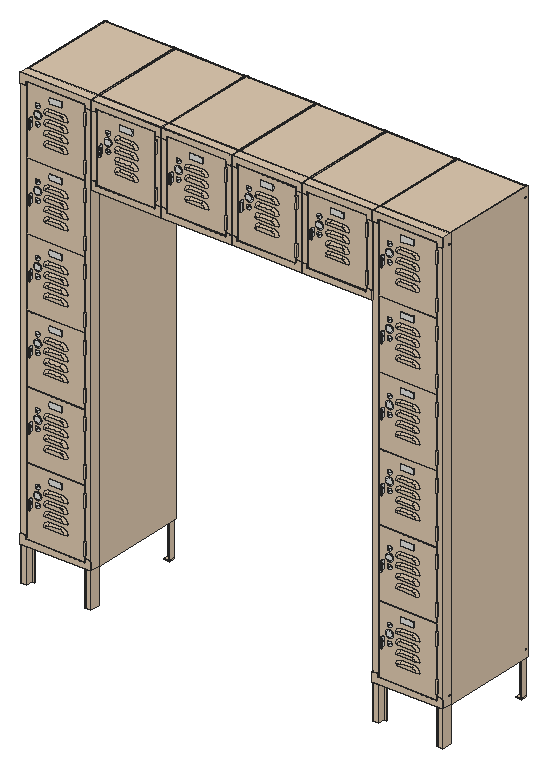
Revit family "Metal_Lockers-Salsbury_Industries-66000_Series-Bridge_Unit", category Specialty Equipment, Revit 2016 (continued)
Lines and regions (in)
  symbolic lines
    curve 30: line (-36.06, -9.005, 7.55319) -> (-36.02, -9.005, 7.68402)
    curve 31: line (-36.06, -9.005, 7.44681) -> (-36.02, -9.005, 7.31598)
    curve 32: line (-24.01333, -9.005, 7.59204) -> (-25.04929, -9.005, 7.59204)
    curve 33: line (-25.04929, -9.005, 76.40796) -> (-23.01333, -9.005, 76.40796)
    curve 34: line (-23.01333, -9.005, 65.83963) -> (-24.01333, -9.005, 65.83963)
    curve 35: line (-23.01333, -9.005, 77) -> (-13.00667, -9.005, 77)
    curve 36: line (-23.01333, -9.005, 65.24759) -> (-23.01333, -9.005, 77)
    curve 37: line (-13.00667, -9.005, 65.24759) -> (-23.01333, -9.005, 65.24759)
    curve 38: line (-13.00667, -9.005, 77) -> (-13.00667, -9.005, 65.24759)
    curve 39: line (-11.00667, -9.005, 77) -> (-1, -9.005, 77)
    curve 40: line (-11.00667, -9.005, 65.24759) -> (-11.00667, -9.005, 77)
    curve 41: line (-1, -9.005, 65.24759) -> (-11.00667, -9.005, 65.24759)
    curve 42: line (-1, -9.005, 77) -> (-1, -9.005, 65.24759)
    curve 43: line (1, -9.005, 77) -> (11.00667, -9.005, 77)
    curve 44: line (1, -9.005, 65.24759) -> (1, -9.005, 77)
    curve 45: line (11.00667, -9.005, 65.24759) -> (1, -9.005, 65.24759)
    curve 46: line (11.00667, -9.005, 77) -> (11.00667, -9.005, 65.24759)
    curve 47: line (13.00667, -9.005, 77) -> (23.01333, -9.005, 77)
    curve 48: line (13.00667, -9.005, 65.24759) -> (13.00667, -9.005, 77)
    curve 49: line (23.01333, -9.005, 65.24759) -> (13.00667, -9.005, 65.24759)
    curve 50: line (23.01333, -9.005, 77) -> (23.01333, -9.005, 65.24759)
    curve 51: line (-11.00667, -9.005, 65.83963) -> (-13.00667, -9.005, 65.83963)
    curve 52: line (-11.00667, -9.005, 76.40796) -> (-13.00667, -9.005, 76.40796)
    curve 53: line (1, -9.005, 76.40796) -> (-1, -9.005, 76.40796)
    curve 54: line (1, -9.005, 65.83963) -> (-1, -9.005, 65.83963)
    curve 55: line (13.00667, -9.005, 65.83963) -> (11.00667, -9.005, 65.83963)
    curve 56: line (13.00667, -9.005, 76.40796) -> (11.00667, -9.005, 76.40796)
    curve 57: line (24.01333, -9.005, 65.83963) -> (23.01333, -9.005, 65.83963)
    curve 58: line (25.01333, -9.005, 76.40796) -> (23.01333, -9.005, 76.40796)
    curve 59: line (25.01333, -9.005, 77) -> (35.02, -9.005, 77)
    curve 60: line (25.01333, -9.005, 7) -> (25.01333, -9.005, 77)
    curve 61: line (35.02, -9.005, 7) -> (25.01333, -9.005, 7)
    curve 62: line (35.02, -9.005, 77) -> (35.02, -9.005, 7)
    curve 63: line (36.02, -9.005, 7.59204) -> (35.02, -9.005, 7.59204)
    curve 64: line (36.02, -9.005, 76.40796) -> (35.02, -9.005, 76.40796)
    curve 65: line (24.01333, -9.005, 7.59204) -> (25.01333, -9.005, 7.59204)
    curve 66: line (-24.01333, -9.005, 60.68452) -> (24.01333, -9.005, 60.68452)
    curve 67: line (-24.01333, -9.005, 59.68447) -> (24.01333, -9.005, 59.68447)
    curve 68: line (36.02, -9.005, 78) -> (36.02, 9.005, 78)
    curve 69: line (36.02, -9.005, 6) -> (36.02, -9.005, 78)
    curve 70: line (36.02, 9.005, 6) -> (36.02, -9.005, 6)
    curve 71: line (36.02, 9.005, 78) -> (36.02, 9.005, 6)
    curve 72: line (-36.02, 9.005, 78) -> (36.02, 9.005, 78)
    curve 73: line (-36.02, -9.065, 78) -> (-36.02, 9.005, 78)
    curve 74: line (36.02, -9.065, 78) -> (-36.02, -9.065, 78)
    curve 75: line (36.02, 9.005, 78) -> (36.02, -9.065, 78)
    curve 76: line (-36.06, 8.45181, 78) -> (-36.06, 8.55819, 78)
    curve 77: line (-36.06, 8.55819, 78) -> (-36.02, 8.68902, 78)
    curve 78: line (-36.06, 8.45181, 78) -> (-36.02, 8.31231, 78)
    curve 79: line (-36.06, -7.80819, 78) -> (-36.06, -7.70181, 78)
    curve 80: line (-36.06, -7.80819, 78) -> (-36.02, -7.93902, 78)
    curve 81: line (-36.06, -7.70181, 78) -> (-36.02, -7.5691, 78)
    curve 82: line (36.06, -7.80819, 78) -> (36.06, -7.70181, 78)
    curve 83: line (36.06, -7.70181, 78) -> (36.02, -7.5699, 78)
    curve 84: line (36.06, -7.80819, 78) -> (36.02, -7.93902, 78)
    curve 85: line (36.06, 8.45181, 78) -> (36.06, 8.55819, 78)
    curve 86: line (36.06, 8.55819, 78) -> (36.02, 8.68902, 78)
    curve 87: line (36.06, 8.45181, 78) -> (36.02, 8.32098, 78)
    curve 88: line (-36.02, -7.417, 78) -> (36.02, -7.417, 78)
Dimensions and locks (in)
  equal spacing: plane 7 "Left Side of Unit", plane 3 "Center (Left/Right)", plane 8 "Right Side of Unit"
  "Width": plane 7 "Left Side of Unit" to plane 8 "Right Side of Unit"
  "Base Height": plane 5 "Bottom of Unit" to plane 4 "Floor"
  "Height": plane 6 "Top of Unit" to plane 5 "Bottom of Unit"
  "Unit Height including Base Only": plane 6 "Top of Unit" to plane 4 "Floor"
  equal spacing: plane 10 "Front of Unit", plane 1 "Center (Front/Back)", plane 9 "Back of Unit"
  "Depth": plane 10 "Front of Unit" to plane 9 "Back of Unit"
  "Sloping Hood Height": plane 11 "Top of Sloping Hood" to plane 6 "Top of Unit"
  "Overall Unit Height (including Base and Sloping Hood)": plane 11 "Top of Sloping Hood" to plane 4 "Floor"
  locked: plane 12 "Left Rivet" to plane 7 "Left Side of Unit" at 0.04
  locked: plane 8 "Right Side of Unit" to plane 13 "Right Rivet" at 0.04
  "Overall Width including Rivets": plane 12 "Left Rivet" to plane 13 "Right Rivet"
  plane 6 "Top of Unit" to plane 16 "Top of Door Opening" to plane 30 "Top of Door 1" = 1.000" locked, 0.09024"
  plane 31 "Bottom of Bottom Door" to plane 17 "Bottom of Door Opening" to plane 5 "Bottom of Unit" = 0.09027", 1.000" locked
  plane 7 "Left Side of Unit" to plane 15 "Left Side of Door Opening" to plane 28 "Left Side of Door" = 1.000" locked, 0.06971"
  plane 29 "Right Side of Door" to plane 14 "Right Side of Door Opening" to plane 8 "Right Side of Unit" = 0.06974", 1.000" locked
  plane 19 "Front Plate Plane" to plane 10 "Front of Unit" to plane 18 "Back Edge of Front Facing" = 0.060" locked, 1.588" locked
  "Unit Height including Sloping Hood Only": plane 11 "Top of Sloping Hood" to plane 5 "Bottom of Unit"
  locked: plane 20 "Horizontal Center of Top Rivets" to plane 6 "Top of Unit" at 1.5
  locked: plane 5 "Bottom of Unit" to plane 21 "Horiz Center of Bottom Rivets" at 1.5
  locked: plane 22 "Vertical Center of Back Rivets" to plane 9 "Back of Unit" at 0.5
  locked: plane 10 "Front of Unit" to plane 23 "Vertical Center of Front Rivets" at 1.25
  locked: plane 24 "Right Align Top Filler Overlap" to plane 13 "Right Rivet" at 0.625
  locked: plane 12 "Left Rivet" to plane 25 "Left Align Top Filler Overlap" at 0.625
  locked: plane 8 "Right Side of Unit" to plane 27 "Corner Filler Align-Right" at 0.06
  locked: plane 26 "Corner Filler Align-Left" to plane 7 "Left Side of Unit" at 0.06
  plane 37 to plane 36 = 0.063"
  plane 34 to plane 32 = 0.063"
  plane 35 to plane 33 = 0.063"
  plane 36 to plane 40 = 0.063"
  plane 33 to plane 39 = 0.063"
  plane 32 to plane 38 = 0.063"
  plane 7 "Left Side of Unit" to plane 41 = 0.351"
  plane 42 to plane 8 "Right Side of Unit" = 0.351"
  plane 45 to plane 44 to plane 43 = 0.063", 0.063"
  plane 48 to plane 47 to plane 46 = 0.063", 0.063"
  equal spacing: plane 30 "Top of Door 1", plane 47, plane 44, plane 36, plane 33, plane 32, plane 31 "Bottom of Bottom Door"
  plane 7 "Left Side of Unit" to plane 51 "Right Side of Unit 1" to plane 49 "Vertical Divider 1 and 2" to plane 3 "Center (Left/Right)" to plane 50 "Vertical Divider 2 and 3" to plane 52 "Left Side of Unit 2" to plane 8 "Right Side of Unit" = 12.00667", 12.00667", 12.00667", 12.00667", 12.00667", 12.00667"
  plane 54 to plane 53 = 0.070"
  plane 55 to plane 56 = 0.070"
  plane 57 to plane 58 = 0.070"
  plane 59 to plane 60 = 0.070"
  plane 6 "Top of Unit" to plane 48 to plane 62 "Bottom of Door Opening-Horiztonal" to plane 61 "Bottom of Horizontal Section" to plane 63 "Center or Coat Rod" = 12.66382", 0.08858", 1.000", 4.063"
  "Individual Door Width": plane 28 "Left Side of Door" to plane 64
  "Individual Door Height": plane 38 to plane 31 "Bottom of Bottom Door"
  locked: plane 69 "Compartment Align 1" to plane 62 "Bottom of Door Opening-Horiztonal" at 0.5
  locked: plane 65 "Compartment Align 2" to plane 44 at 0.5
  locked: plane 66 "Compartment Align 3" to plane 36 at 0.5
  locked: plane 67 "Compartment Align 4" to plane 33 at 0.5
  locked: plane 68 "Compartment Align 5" to plane 32 at 0.5
  plane 6 "Top of Unit" to plane 87 to plane 88 to plane 80 to plane 79 = 0.060" locked, 0.73501" locked, 0.20499" locked, 0.59204" locked
  plane 90 to plane 89 to plane 69 "Compartment Align 1" = 0.73501" locked, 0.060" locked
  plane 92 to plane 91 to plane 65 "Compartment Align 2" = 0.73501" locked, 0.060" locked
  plane 94 to plane 93 to plane 66 "Compartment Align 3" = 0.73501" locked, 0.060" locked
  plane 96 to plane 95 to plane 67 "Compartment Align 4" = 0.73501" locked, 0.060" locked
  plane 98 to plane 97 to plane 68 "Compartment Align 5" = 0.73501" locked, 0.060" locked
  plane 100 to plane 99 to plane 86 = 0.73501" locked, 0.0796" locked
  plane 138 to plane 139 to plane 5 "Bottom of Unit" = 0.59204", 1.000"
  plane 6 "Top of Unit" to plane 87 to plane 88 to nested 10 to plane 79 = 0.060", 0.73501", 0.15999", 0.63704"
  plane 85 to plane 86 to plane 5 "Bottom of Unit" = 0.59204", 1.000"
  plane 140 to plane 61 "Bottom of Horizontal Section" = 1.59204"
  plane 90 to plane 61 "Bottom of Horizontal Section" = 0.70499"
  plane 147 to plane 150 = 0.075"
  plane 142 to plane 151 = 0.075"
  plane 144 to plane 152 = 0.075"
  plane 146 to plane 153 = 0.075"
  plane 155 to plane 63 "Center or Coat Rod" to plane 156 = 0.49992", 0.50013"
  aligned and locked: level to plane 2
  aligned and locked: Extrusion 2 to plane 6 "Top of Unit"
  aligned and locked: Extrusion 3 to plane 6 "Top of Unit"
  aligned and locked: Extrusion 4 to plane 6 "Top of Unit"
  aligned and locked: Extrusion 9 to plane 10 "Front of Unit"
  aligned and locked: Extrusion 10 to plane 10 "Front of Unit"
  aligned and locked: Extrusion 6 to plane 17 "Bottom of Door Opening"
  aligned and locked: plane 4 "Floor" to nested 2
  aligned and locked: plane 5 "Bottom of Unit" to Extrusion 10
  aligned and locked: Blend 11 to plane 13 "Right Rivet"
  aligned and locked: plane 8 "Right Side of Unit" to Blend 11
  aligned and locked: Blend 16 to plane 7 "Left Side of Unit"
  aligned and locked: Blend 15 to plane 7 "Left Side of Unit"  (x2)
  aligned and locked: plane 12 "Left Rivet" to Blend 15
  aligned and locked: plane 12 "Left Rivet" to Blend 16
  aligned and locked: Blend 15 to plane 12 "Left Rivet"
  aligned and locked: Blend 18 to plane 7 "Left Side of Unit"
  aligned and locked: plane 12 "Left Rivet" to Blend 18
  aligned and locked: Blend 17 to plane 7 "Left Side of Unit"
  aligned and locked: plane 12 "Left Rivet" to Blend 17
  aligned and locked: plane 5 "Bottom of Unit" to nested 5
  aligned and locked: plane 13 "Right Rivet" to nested 5
  aligned and locked: plane 12 "Left Rivet" to nested 6
  aligned and locked: nested 6 to plane 10 "Front of Unit"
  aligned and locked: plane 13 "Right Rivet" to nested 7
  aligned and locked: plane 10 "Front of Unit" to nested 7
  aligned and locked: plane 12 "Left Rivet" to nested 8
  aligned and locked: plane 10 "Front of Unit" to nested 8
  aligned and locked: plane 6 "Top of Unit" to nested 8
  aligned and locked: plane 6 "Top of Unit" to nested 9
  aligned and locked: nested 9 to plane 19 "Front Plate Plane"
  aligned and locked: nested 9 to plane 24 "Right Align Top Filler Overlap"
  aligned and locked: nested 10 to plane 25 "Left Align Top Filler Overlap"
  aligned and locked: nested 10 to plane 19 "Front Plate Plane"
  aligned and locked: nested 5 to nested 10
  aligned and locked: plane 19 "Front Plate Plane" to nested 11
  aligned and locked: plane 6 "Top of Unit" to nested 11
  aligned and locked: nested 12 to plane 6 "Top of Unit"
  aligned and locked: plane 19 "Front Plate Plane" to nested 12
  aligned and locked: nested 13 to plane 24 "Right Align Top Filler Overlap"
  aligned and locked: nested 13 to plane 19 "Front Plate Plane"
  aligned and locked: plane 16 "Top of Door Opening" to nested 13
  aligned and locked: nested 14 to plane 16 "Top of Door Opening"
  aligned and locked: nested 14 to plane 25 "Left Align Top Filler Overlap"
  aligned and locked: plane 19 "Front Plate Plane" to nested 14
  aligned and locked: nested 6 to plane 6 "Top of Unit"
  aligned and locked: plane 10 "Front of Unit" to nested 5
  aligned and locked: plane 10 "Front of Unit" to nested 1
  aligned and locked: plane 10 "Front of Unit" to nested 2
  aligned and locked: plane 10 "Front of Unit" to nested 17
  aligned and locked: plane 10 "Front of Unit" to nested 18
  aligned and locked: plane 7 "Left Side of Unit" to nested 12
  aligned and locked: plane 8 "Right Side of Unit" to nested 11
  aligned and locked: nested 16 to curve 1
  aligned and locked: nested 15 to curve 1
  aligned and locked: nested 20 to plane 48
  aligned and locked: plane 10 "Front of Unit" to nested 19
  aligned and locked: plane 10 "Front of Unit" to nested 20
  aligned and locked: plane 34 to nested 28
  aligned and locked: nested 22 to plane 34
  aligned and locked: nested 23 to plane 35
  aligned and locked: plane 37 to nested 30
  aligned and locked: nested 24 to plane 37
  aligned and locked: nested 25 to plane 45
  aligned and locked: plane 45 to nested 31
  aligned and locked: plane 48 to nested 32
  aligned and locked: plane 48 to nested 26
  aligned and locked: plane 10 "Front of Unit" to nested 27
  aligned and locked: plane 10 "Front of Unit" to nested 21
  aligned and locked: plane 10 "Front of Unit" to nested 28
  aligned and locked: plane 10 "Front of Unit" to nested 22
  aligned and locked: plane 10 "Front of Unit" to nested 29
  aligned and locked: plane 10 "Front of Unit" to nested 23
  aligned and locked: plane 10 "Front of Unit" to nested 30
  aligned and locked: plane 10 "Front of Unit" to nested 24
  aligned and locked: plane 10 "Front of Unit" to nested 31
  aligned and locked: plane 10 "Front of Unit" to nested 25
  aligned and locked: plane 10 "Front of Unit" to nested 32
  aligned and locked: plane 10 "Front of Unit" to nested 26
  aligned and locked: plane 28 "Left Side of Door" to nested 21
  aligned and locked: plane 28 "Left Side of Door" to nested 22
  aligned and locked: plane 28 "Left Side of Door" to nested 23
  aligned and locked: plane 28 "Left Side of Door" to nested 24
  aligned and locked: plane 28 "Left Side of Door" to nested 25
  aligned and locked: plane 28 "Left Side of Door" to nested 26
  aligned and locked: plane 29 "Right Side of Door" to nested 27
  aligned and locked: plane 29 "Right Side of Door" to nested 28
  aligned and locked: plane 29 "Right Side of Door" to nested 29
  aligned and locked: plane 29 "Right Side of Door" to nested 30
  aligned and locked: plane 29 "Right Side of Door" to nested 31
  aligned and locked: plane 29 "Right Side of Door" to nested 32
  aligned and locked: nested 21 to plane 31 "Bottom of Bottom Door"
  aligned and locked: plane 31 "Bottom of Bottom Door" to nested 27
  aligned and locked: plane 35 to nested 29
  aligned and locked: plane 8 "Right Side of Unit" to nested 15
  aligned and locked: nested 16 to plane 7 "Left Side of Unit"
  aligned and locked: nested 19 to plane 48
  aligned and locked: nested 18 to plane 48
  aligned and locked: nested 17 to plane 48
  aligned and locked: Sweep 47 sketch curve to Extrusion 46
  aligned and locked: Sweep 61 sketch curve to Extrusion 60
  aligned and locked: plane 6 "Top of Unit" to nested 35
  aligned and locked: plane 6 "Top of Unit" to nested 7
  aligned and locked: plane 10 "Front of Unit" to nested 33
  aligned and locked: Sweep 75 sketch curve to Extrusion 74
  aligned and locked: Sweep 77 sketch curve to Extrusion 76
  aligned and locked: Sweep 79 sketch curve to Extrusion 78
  aligned and locked: Sweep 83 sketch curve to Extrusion 82
  aligned and locked: Sweep 87 sketch curve to Extrusion 86
  aligned and locked: Sweep 91 sketch curve to Extrusion 90
  aligned and locked: plane 53 to nested 20
  aligned and locked: plane 56 to nested 19
  aligned and locked: plane 58 to nested 18
  aligned and locked: plane 60 to nested 17
  aligned and locked: plane 8 "Right Side of Unit" to Blend 14
  aligned and locked: Blend 14 to plane 13 "Right Rivet"
  aligned and locked: plane 4 "Floor" to nested 34
  aligned and locked: plane 52 "Left Side of Unit 2" to nested 34
  aligned and locked: plane 4 "Floor" to nested 1
  aligned and locked: plane 51 "Right Side of Unit 1" to nested 1
  aligned and locked: plane 10 "Front of Unit" to nested 34
  aligned and locked: plane 70 to Extrusion 36
  aligned and locked: plane 71 to Extrusion 39
  aligned and locked: plane 72 to Extrusion 39
  aligned and locked: Extrusion 34 to plane 9 "Back of Unit"
  aligned and locked: Extrusion 34 sketch curve to plane 9 "Back of Unit"
  aligned and locked: plane 70 to Extrusion 34 sketch curve
  aligned and locked: Extrusion 34 sketch curve to plane 18 "Back Edge of Front Facing"
  aligned and locked: plane 75 to Extrusion 34 sketch curve
  aligned and locked: Extrusion 34 sketch curve to plane 73
  aligned and locked: Extrusion 34 sketch curve to plane 8 "Right Side of Unit"
  aligned and locked: Extrusion 36 sketch curve to plane 71
  aligned and locked: Extrusion 36 sketch curve to plane 70
  aligned and locked: plane 72 to Extrusion 36 sketch curve
  aligned and locked: plane 73 to Extrusion 36 sketch curve
  aligned and locked: Extrusion 36 sketch curve to plane 74
  aligned and locked: Extrusion 36 sketch curve to plane 72
  aligned and locked: plane 77 to Extrusion 35 sketch curve
  aligned and locked: Extrusion 35 sketch curve to plane 78
  aligned and locked: Extrusion 35 sketch curve to plane 52 "Left Side of Unit 2"
  aligned and locked: plane 9 "Back of Unit" to Extrusion 35 sketch curve
  aligned and locked: Extrusion 35 sketch curve to plane 70
  aligned and locked: plane 18 "Back Edge of Front Facing" to Extrusion 35 sketch curve
  aligned and locked: plane 5 "Bottom of Unit" to Extrusion 34
  aligned and locked: Extrusion 34 to plane 6 "Top of Unit"
  aligned and locked: Extrusion 36 to plane 5 "Bottom of Unit"
  aligned and locked: Extrusion 36 to plane 6 "Top of Unit"
  aligned and locked: plane 5 "Bottom of Unit" to Extrusion 35
  aligned and locked: Extrusion 35 to plane 6 "Top of Unit"
  aligned and locked: Sweep 20 sketch curve to profile plane
  aligned and locked: profile plane to Sweep 20 sketch curve
  aligned and locked: plane 18 "Back Edge of Front Facing" to Sweep 20 sketch curve
  aligned and locked: Sweep 20 sketch curve to plane 16 "Top of Door Opening"
  aligned and locked: Sweep 20 sketch curve to plane 5 "Bottom of Unit"
  aligned and locked: Sweep 20 sketch curve to plane 52 "Left Side of Unit 2"
  aligned and locked: plane 8 "Right Side of Unit" to Sweep 20 sketch curve
  aligned and locked: plane 6 "Top of Unit" to Sweep 20 sketch curve
  aligned and locked: plane 6 "Top of Unit" to Extrusion 29 sketch curve
  aligned and locked: plane 80 to Extrusion 29 sketch curve
  aligned and locked: plane 79 to Extrusion 29 sketch curve
  aligned and locked: Extrusion 29 sketch curve to plane 81
  aligned and locked: plane 8 "Right Side of Unit" to Extrusion 29 sketch curve
  aligned and locked: Extrusion 29 sketch curve to plane 79
  aligned and locked: Extrusion 29 sketch curve to plane 82
  aligned and locked: plane 52 "Left Side of Unit 2" to Extrusion 29 sketch curve
  aligned and locked: Extrusion 29 to plane 10 "Front of Unit"
  aligned and locked: plane 19 "Front Plate Plane" to Extrusion 29
  aligned and locked: Extrusion 30 to plane 10 "Front of Unit"
  aligned and locked: plane 19 "Front Plate Plane" to Extrusion 30
  aligned and locked: plane 85 to Extrusion 30 sketch curve
  aligned and locked: plane 86 to Extrusion 30 sketch curve
  aligned and locked: plane 5 "Bottom of Unit" to Extrusion 30 sketch curve
  aligned and locked: Extrusion 30 sketch curve to plane 52 "Left Side of Unit 2"
  aligned and locked: plane 84 to Extrusion 30 sketch curve
  aligned and locked: plane 83 to Extrusion 30 sketch curve
  aligned and locked: Extrusion 30 sketch curve to plane 8 "Right Side of Unit"
  aligned and locked: plane 71 to Sweep 40 sketch curve
  aligned and locked: Sweep 40 sketch curve to plane 72  (x2)
  aligned and locked: Sweep 40 sketch curve to plane 18 "Back Edge of Front Facing"
  aligned and locked: Sweep 40 sketch curve to plane 78
  aligned and locked: Sweep 40 sketch curve to plane 76
  aligned and locked: plane 74 to Sweep 40 sketch curve
  aligned and locked: plane 73 to Sweep 40 sketch curve
  aligned and locked: plane 6 "Top of Unit" to Extrusion 39 sketch curve
  aligned and locked: plane 87 to Extrusion 39
  aligned and locked: plane 87 to Sweep 40 sketch curve
  aligned and locked: Sweep 40 sketch curve to plane 88
  aligned and locked: plane 76 to Sweep 40 sketch curve
  aligned and locked: profile plane to Sweep 40 sketch curve
  aligned and locked: plane 88 to Sweep 40
  aligned and locked: Sweep 40 to plane 87
  aligned and locked: Extrusion 39 to plane 6 "Top of Unit"
  aligned and locked: plane 78 to Extrusion 39 sketch curve
  aligned and locked: plane 76 to Extrusion 39 sketch curve
  aligned and locked: plane 72 to Extrusion 39 sketch curve  (x2)
  aligned and locked: Extrusion 39 sketch curve to plane 71
  aligned and locked: Extrusion 39 sketch curve to plane 74
  aligned and locked: Extrusion 39 sketch curve to plane 73
  aligned and locked: plane 18 "Back Edge of Front Facing" to Extrusion 39 sketch curve
  aligned and locked: Extrusion 76 sketch curve to plane 71
  aligned and locked: plane 76 to Extrusion 76 sketch curve
  aligned and locked: plane 72 to Extrusion 76 sketch curve  (x2)
  aligned and locked: plane 78 to Extrusion 76 sketch curve
  aligned and locked: plane 18 "Back Edge of Front Facing" to Extrusion 76 sketch curve
  aligned and locked: Extrusion 76 sketch curve to plane 73
  aligned and locked: Extrusion 76 sketch curve to plane 74
  aligned and locked: Extrusion 74 to plane 69 "Compartment Align 1"
  aligned and locked: plane 89 to Sweep 77
  aligned and locked: Extrusion 76 to plane 69 "Compartment Align 1"
  aligned and locked: plane 71 to Sweep 77 sketch curve
  aligned and locked: Sweep 77 sketch curve to plane 76
  aligned and locked: Sweep 77 sketch curve to plane 72  (x2)
  aligned and locked: Sweep 77 sketch curve to plane 78
  aligned and locked: Sweep 77 sketch curve to plane 18 "Back Edge of Front Facing"
  aligned and locked: plane 73 to Sweep 77 sketch curve
  aligned and locked: plane 74 to Sweep 77 sketch curve
  aligned and locked: Sweep 77 sketch curve to plane 69 "Compartment Align 1"
  aligned and locked: plane 90 to Sweep 77
  aligned and locked: Extrusion 80 sketch curve to plane 71
  aligned and locked: Extrusion 80 sketch curve to plane 74
  aligned and locked: plane 72 to Extrusion 80 sketch curve  (x2)
  aligned and locked: Extrusion 80 sketch curve to plane 73
  aligned and locked: plane 18 "Back Edge of Front Facing" to Extrusion 80 sketch curve
  aligned and locked: plane 78 to Extrusion 80 sketch curve
  aligned and locked: plane 76 to Extrusion 80 sketch curve
  aligned and locked: Extrusion 80 to plane 65 "Compartment Align 2"
  aligned and locked: plane 91 to Extrusion 80
  aligned and locked: plane 71 to Sweep 81 sketch curve
  aligned and locked: Sweep 81 sketch curve to plane 76
  aligned and locked: Sweep 81 sketch curve to plane 72  (x2)
  aligned and locked: Sweep 81 sketch curve to plane 78  (x2)
  aligned and locked: Sweep 81 sketch curve to plane 18 "Back Edge of Front Facing"
  aligned and locked: plane 73 to Sweep 81 sketch curve
  aligned and locked: plane 74 to Sweep 81 sketch curve
  aligned and locked: plane 91 to Sweep 81 sketch curve
  aligned and locked: Sweep 81 sketch curve to plane 92
  aligned and locked: plane 76 to Sweep 81 sketch curve
  aligned and locked: Extrusion 84 sketch curve to plane 71
  aligned and locked: Extrusion 84 sketch curve to plane 74
  aligned and locked: plane 72 to Extrusion 84 sketch curve  (x2)
  aligned and locked: Extrusion 84 sketch curve to plane 73
  aligned and locked: plane 18 "Back Edge of Front Facing" to Extrusion 84 sketch curve
  aligned and locked: plane 78 to Extrusion 84 sketch curve
  aligned and locked: plane 76 to Extrusion 84 sketch curve
  aligned and locked: Extrusion 84 to plane 66 "Compartment Align 3"
  aligned and locked: plane 93 to Extrusion 84
  aligned and locked: plane 71 to Sweep 85 sketch curve
  aligned and locked: Sweep 85 sketch curve to plane 76
  aligned and locked: Sweep 85 sketch curve to plane 72  (x2)
  aligned and locked: Sweep 85 sketch curve to plane 78  (x2)
  aligned and locked: Sweep 85 sketch curve to plane 18 "Back Edge of Front Facing"
  aligned and locked: plane 73 to Sweep 85 sketch curve
  aligned and locked: plane 74 to Sweep 85 sketch curve
  aligned and locked: plane 93 to Sweep 85 sketch curve
  aligned and locked: Sweep 85 sketch curve to plane 94
  aligned and locked: plane 76 to Sweep 85 sketch curve
  aligned and locked: Extrusion 88 sketch curve to plane 71
  aligned and locked: Extrusion 88 sketch curve to plane 74
  aligned and locked: plane 72 to Extrusion 88 sketch curve  (x2)
  aligned and locked: Extrusion 88 sketch curve to plane 73
  aligned and locked: plane 18 "Back Edge of Front Facing" to Extrusion 88 sketch curve
  aligned and locked: plane 78 to Extrusion 88 sketch curve
  aligned and locked: plane 76 to Extrusion 88 sketch curve
  aligned and locked: Extrusion 88 to plane 67 "Compartment Align 4"
  aligned and locked: plane 95 to Extrusion 88
  aligned and locked: plane 71 to Sweep 89 sketch curve
  aligned and locked: Sweep 89 sketch curve to plane 76
  aligned and locked: Sweep 89 sketch curve to plane 72  (x2)
  aligned and locked: Sweep 89 sketch curve to plane 78
  aligned and locked: Sweep 89 sketch curve to plane 18 "Back Edge of Front Facing"
  aligned and locked: plane 73 to Sweep 89 sketch curve
  aligned and locked: plane 74 to Sweep 89 sketch curve
  aligned and locked: plane 95 to Sweep 89 sketch curve
  aligned and locked: profile plane to Sweep 89 sketch curve
  aligned and locked: Sweep 89 sketch curve to plane 96
  aligned and locked: plane 76 to Sweep 89 sketch curve
  aligned and locked: Extrusion 92 sketch curve to plane 71
  aligned and locked: Extrusion 92 sketch curve to plane 74
  aligned and locked: plane 72 to Extrusion 92 sketch curve  (x2)
  aligned and locked: Extrusion 92 sketch curve to plane 73
  aligned and locked: plane 18 "Back Edge of Front Facing" to Extrusion 92 sketch curve
  aligned and locked: plane 78 to Extrusion 92 sketch curve
  aligned and locked: plane 76 to Extrusion 92 sketch curve
  aligned and locked: Extrusion 92 to plane 68 "Compartment Align 5"
  aligned and locked: plane 97 to Extrusion 92
  aligned and locked: plane 71 to Sweep 93 sketch curve
  aligned and locked: Sweep 93 sketch curve to plane 76
  aligned and locked: Sweep 93 sketch curve to plane 72  (x2)
  aligned and locked: Sweep 93 sketch curve to plane 78
  aligned and locked: Sweep 93 sketch curve to plane 18 "Back Edge of Front Facing"
  aligned and locked: plane 73 to Sweep 93 sketch curve
  aligned and locked: plane 74 to Sweep 93 sketch curve
  aligned and locked: profile plane to Sweep 93 sketch curve
  aligned and locked: Sweep 93 sketch curve to plane 98
  aligned and locked: plane 76 to Sweep 93 sketch curve
  aligned and locked: plane 97 to Sweep 93 sketch curve
  aligned and locked: Extrusion 38 sketch curve to plane 71
  aligned and locked: Extrusion 38 sketch curve to plane 74
  aligned and locked: plane 72 to Extrusion 38 sketch curve  (x2)
  aligned and locked: Extrusion 38 sketch curve to plane 73
  aligned and locked: plane 18 "Back Edge of Front Facing" to Extrusion 38 sketch curve
  aligned and locked: plane 78 to Extrusion 38 sketch curve
  aligned and locked: plane 76 to Extrusion 38 sketch curve
  aligned and locked: Extrusion 38 to plane 86
  aligned and locked: plane 99 to Extrusion 38
  aligned and locked: plane 71 to Sweep 37 sketch curve
  aligned and locked: plane 74 to Sweep 37 sketch curve
  aligned and locked: Sweep 37 sketch curve to plane 72  (x2)
  aligned and locked: plane 73 to Sweep 37 sketch curve
  aligned and locked: Sweep 37 sketch curve to plane 18 "Back Edge of Front Facing"
  aligned and locked: Sweep 37 sketch curve to plane 78
  aligned and locked: Sweep 37 sketch curve to plane 76
  aligned and locked: plane 99 to Sweep 37 sketch curve
  aligned and locked: profile plane to Sweep 37 sketch curve
  aligned and locked: Sweep 37 sketch curve to plane 100
  aligned and locked: plane 76 to Sweep 37 sketch curve
  aligned and locked: plane 20 "Horizontal Center of Top Rivets" to Blend 14
  aligned and locked: plane 20 "Horizontal Center of Top Rivets" to Blend 11
  aligned and locked: plane 21 "Horiz Center of Bottom Rivets" to Blend 13
  aligned and locked: Blend 13 to plane 13 "Right Rivet"
  aligned and locked: plane 8 "Right Side of Unit" to Blend 13
  aligned and locked: plane 21 "Horiz Center of Bottom Rivets" to Blend 12
  aligned and locked: Blend 12 to plane 13 "Right Rivet"
  aligned and locked: plane 8 "Right Side of Unit" to Blend 12
  aligned and locked: plane 63 "Center or Coat Rod" to Extrusion 71
  aligned and locked: plane 63 "Center or Coat Rod" to Extrusion 73
  aligned and locked: plane 63 "Center or Coat Rod" to Extrusion 70
  aligned and locked: plane 63 "Center or Coat Rod" to Extrusion 69
  aligned and locked: plane 63 "Center or Coat Rod" to Extrusion 72
  aligned and locked: plane 110 to Extrusion 71
  aligned and locked: plane 111 to Extrusion 70
  aligned and locked: Extrusion 71 to plane 52 "Left Side of Unit 2"
  aligned and locked: Extrusion 70 to plane 110
  aligned and locked: Extrusion 69 to plane 110
  aligned and locked: Extrusion 72 to plane 112
  aligned and locked: Extrusion 73 to plane 107
  aligned and locked: plane 51 "Right Side of Unit 1" to Extrusion 73
  aligned and locked: plane 107 to Extrusion 72
  aligned and locked: plane 51 "Right Side of Unit 1" to Extrusion 69
  aligned and locked: plane 104 to Extrusion 2 sketch curve
  aligned and locked: Extrusion 2 sketch curve to plane 51 "Right Side of Unit 1"
  aligned and locked: Extrusion 2 sketch curve to plane 105
  aligned and locked: Extrusion 2 sketch curve to plane 9 "Back of Unit"
  aligned and locked: plane 70 to Extrusion 2 sketch curve
  aligned and locked: Extrusion 2 sketch curve to plane 18 "Back Edge of Front Facing"
  aligned and locked: plane 5 "Bottom of Unit" to Extrusion 2
  aligned and locked: Extrusion 4 sketch curve to plane 70
  aligned and locked: Extrusion 4 sketch curve to plane 71
  aligned and locked: plane 72 to Extrusion 4 sketch curve
  aligned and locked: plane 105 to Extrusion 4 sketch curve
  aligned and locked: Extrusion 4 sketch curve to plane 106
  aligned and locked: Extrusion 4 sketch curve to plane 72
  aligned and locked: Extrusion 4 sketch curve to plane 102
  aligned and locked: plane 101 to Extrusion 4 sketch curve
  aligned and locked: plane 5 "Bottom of Unit" to Extrusion 4
  aligned and locked: plane 9 "Back of Unit" to Extrusion 3 sketch curve
  aligned and locked: Extrusion 3 sketch curve to plane 70
  aligned and locked: Extrusion 3 sketch curve to plane 18 "Back Edge of Front Facing"
  aligned and locked: Extrusion 3 sketch curve to plane 7 "Left Side of Unit"
  aligned and locked: Extrusion 3 sketch curve to plane 101
  aligned and locked: plane 103 to Extrusion 3 sketch curve
  aligned and locked: plane 5 "Bottom of Unit" to Extrusion 3
  aligned and locked: Sweep 1 sketch curve to plane 5 "Bottom of Unit"
  aligned and locked: plane 51 "Right Side of Unit 1" to Sweep 1 sketch curve
  aligned and locked: plane 6 "Top of Unit" to Sweep 1 sketch curve
  aligned and locked: Sweep 1 sketch curve to plane 7 "Left Side of Unit"
  aligned and locked: Sweep 1 sketch curve to profile plane
  aligned and locked: plane 18 "Back Edge of Front Facing" to Sweep 1 sketch curve
  aligned and locked: Sweep 1 sketch curve to plane 80
  aligned and locked: profile plane to Sweep 1 sketch curve
  aligned and locked: plane 6 "Top of Unit" to Extrusion 9 sketch curve
  aligned and locked: plane 7 "Left Side of Unit" to Extrusion 9 sketch curve
  aligned and locked: Extrusion 9 sketch curve to plane 79
  aligned and locked: plane 80 to Extrusion 9 sketch curve
  aligned and locked: plane 79 to Extrusion 9 sketch curve
  aligned and locked: plane 51 "Right Side of Unit 1" to Extrusion 9 sketch curve
  aligned and locked: plane 134 to Extrusion 9 sketch curve
  aligned and locked: plane 133 to Extrusion 9 sketch curve
  aligned and locked: Extrusion 9 to plane 19 "Front Plate Plane"
  aligned and locked: plane 5 "Bottom of Unit" to Extrusion 10 sketch curve
  aligned and locked: Extrusion 10 sketch curve to plane 7 "Left Side of Unit"
  aligned and locked: Extrusion 10 sketch curve to plane 138
  aligned and locked: plane 136 to Extrusion 10 sketch curve
  aligned and locked: Extrusion 10 sketch curve to plane 51 "Right Side of Unit 1"
  aligned and locked: plane 138 to Extrusion 10 sketch curve
  aligned and locked: plane 137 to Extrusion 10 sketch curve
  aligned and locked: plane 139 to Extrusion 10 sketch curve
  aligned and locked: Extrusion 10 to plane 19 "Front Plate Plane"
  aligned and locked: plane 20 "Horizontal Center of Top Rivets" to Blend 17
  aligned and locked: plane 21 "Horiz Center of Bottom Rivets" to Blend 15
  aligned and locked: plane 20 "Horizontal Center of Top Rivets" to Blend 18
  aligned and locked: plane 21 "Horiz Center of Bottom Rivets" to Blend 16
  aligned and locked: Extrusion 7 sketch curve to plane 71
  aligned and locked: plane 102 to Extrusion 7 sketch curve
  aligned and locked: plane 72 to Extrusion 7 sketch curve  (x2)
  aligned and locked: plane 101 to Extrusion 7 sketch curve
  aligned and locked: Extrusion 7 sketch curve to plane 18 "Back Edge of Front Facing"
  aligned and locked: Extrusion 7 sketch curve to plane 106
  aligned and locked: plane 87 to Extrusion 7
  aligned and locked: Extrusion 7 to plane 6 "Top of Unit"
  aligned and locked: plane 71 to Sweep 8 sketch curve
  aligned and locked: plane 106 to Sweep 8 sketch curve
  aligned and locked: Sweep 8 sketch curve to plane 72  (x2)
  aligned and locked: plane 105 to Sweep 8 sketch curve
  aligned and locked: Sweep 8 sketch curve to plane 18 "Back Edge of Front Facing"
  aligned and locked: Sweep 8 sketch curve to plane 101
  aligned and locked: Sweep 8 sketch curve to plane 102
  aligned and locked: plane 87 to Sweep 8 sketch curve
  aligned and locked: Sweep 8 sketch curve to plane 88
  aligned and locked: profile plane to Sweep 8 sketch curve
  aligned and locked: plane 102 to Sweep 8 sketch curve
  aligned and locked: Extrusion 74 sketch curve to plane 71
  aligned and locked: plane 102 to Extrusion 74 sketch curve
  aligned and locked: plane 72 to Extrusion 74 sketch curve  (x2)
  aligned and locked: plane 101 to Extrusion 74 sketch curve
  aligned and locked: Extrusion 74 sketch curve to plane 18 "Back Edge of Front Facing"
  aligned and locked: Extrusion 74 sketch curve to plane 105
  aligned and locked: Extrusion 74 sketch curve to plane 106
  aligned and locked: plane 89 to Extrusion 74
  aligned and locked: plane 71 to Sweep 75 sketch curve
  aligned and locked: plane 106 to Sweep 75 sketch curve
  aligned and locked: Sweep 75 sketch curve to plane 72  (x2)
  aligned and locked: plane 105 to Sweep 75 sketch curve
  aligned and locked: Sweep 75 sketch curve to plane 18 "Back Edge of Front Facing"
  aligned and locked: Sweep 75 sketch curve to plane 101  (x2)
  aligned and locked: Sweep 75 sketch curve to plane 102
  aligned and locked: plane 102 to Sweep 75 sketch curve
  aligned and locked: Sweep 75 sketch curve to plane 90
  aligned and locked: Extrusion 78 sketch curve to plane 71
  aligned and locked: plane 102 to Extrusion 78 sketch curve
  aligned and locked: plane 72 to Extrusion 78 sketch curve  (x2)
  aligned and locked: plane 101 to Extrusion 78 sketch curve
  aligned and locked: Extrusion 78 sketch curve to plane 18 "Back Edge of Front Facing"
  aligned and locked: Extrusion 78 sketch curve to plane 105
  aligned and locked: Extrusion 78 sketch curve to plane 106
  aligned and locked: plane 91 to Extrusion 78
  aligned and locked: Extrusion 78 to plane 65 "Compartment Align 2"
  aligned and locked: plane 71 to Sweep 79 sketch curve
  aligned and locked: plane 106 to Sweep 79 sketch curve
  aligned and locked: Sweep 79 sketch curve to plane 72  (x2)
  aligned and locked: plane 105 to Sweep 79 sketch curve
  aligned and locked: Sweep 79 sketch curve to plane 18 "Back Edge of Front Facing"
  aligned and locked: Sweep 79 sketch curve to plane 101  (x2)
  aligned and locked: Sweep 79 sketch curve to plane 102
  aligned and locked: Sweep 79 sketch curve to plane 92
  aligned and locked: plane 102 to Sweep 79 sketch curve
  aligned and locked: Extrusion 82 sketch curve to plane 71
  aligned and locked: plane 102 to Extrusion 82 sketch curve
  aligned and locked: plane 72 to Extrusion 82 sketch curve  (x2)
  aligned and locked: plane 101 to Extrusion 82 sketch curve
  aligned and locked: Extrusion 82 sketch curve to plane 18 "Back Edge of Front Facing"
  aligned and locked: Extrusion 82 sketch curve to plane 105
  aligned and locked: Extrusion 82 sketch curve to plane 106
  aligned and locked: plane 93 to Extrusion 82
  aligned and locked: Extrusion 82 to plane 66 "Compartment Align 3"
  aligned and locked: plane 71 to Sweep 83 sketch curve
  aligned and locked: plane 106 to Sweep 83 sketch curve
  aligned and locked: Sweep 83 sketch curve to plane 72  (x2)
  aligned and locked: plane 105 to Sweep 83 sketch curve
  aligned and locked: Sweep 83 sketch curve to plane 18 "Back Edge of Front Facing"
  aligned and locked: Sweep 83 sketch curve to plane 101  (x2)
  aligned and locked: Sweep 83 sketch curve to plane 102
  aligned and locked: Sweep 83 sketch curve to plane 94
  aligned and locked: plane 102 to Sweep 83 sketch curve
  aligned and locked: Extrusion 86 sketch curve to plane 71
  aligned and locked: plane 102 to Extrusion 86 sketch curve
  aligned and locked: plane 72 to Extrusion 86 sketch curve  (x2)
  aligned and locked: plane 101 to Extrusion 86 sketch curve
  aligned and locked: Extrusion 86 sketch curve to plane 18 "Back Edge of Front Facing"
  aligned and locked: Extrusion 86 sketch curve to plane 105
  aligned and locked: Extrusion 86 sketch curve to plane 106
  aligned and locked: plane 95 to Extrusion 86
  aligned and locked: Extrusion 86 to plane 67 "Compartment Align 4"
  aligned and locked: plane 71 to Sweep 87 sketch curve
  aligned and locked: plane 106 to Sweep 87 sketch curve
  aligned and locked: Sweep 87 sketch curve to plane 72  (x2)
  aligned and locked: plane 105 to Sweep 87 sketch curve
  aligned and locked: Sweep 87 sketch curve to plane 18 "Back Edge of Front Facing"
  aligned and locked: Sweep 87 sketch curve to plane 101  (x2)
  aligned and locked: Sweep 87 sketch curve to plane 102
  aligned and locked: Sweep 87 sketch curve to plane 96
  aligned and locked: plane 102 to Sweep 87 sketch curve
  aligned and locked: Extrusion 90 sketch curve to plane 71
  aligned and locked: plane 102 to Extrusion 90 sketch curve
  aligned and locked: plane 72 to Extrusion 90 sketch curve  (x2)
  aligned and locked: plane 101 to Extrusion 90 sketch curve
  aligned and locked: Extrusion 90 sketch curve to plane 18 "Back Edge of Front Facing"
  aligned and locked: Extrusion 90 sketch curve to plane 105
  aligned and locked: Extrusion 90 sketch curve to plane 106
  aligned and locked: plane 97 to Extrusion 90
  aligned and locked: Extrusion 90 to plane 68 "Compartment Align 5"
  aligned and locked: plane 71 to Sweep 91 sketch curve
  aligned and locked: plane 106 to Sweep 91 sketch curve
  aligned and locked: Sweep 91 sketch curve to plane 72  (x2)
  aligned and locked: plane 105 to Sweep 91 sketch curve
  aligned and locked: Sweep 91 sketch curve to plane 18 "Back Edge of Front Facing"
  aligned and locked: Sweep 91 sketch curve to plane 101  (x2)
  aligned and locked: Sweep 91 sketch curve to plane 102
  aligned and locked: Sweep 91 sketch curve to plane 98
  aligned and locked: plane 102 to Sweep 91 sketch curve
  aligned and locked: Extrusion 6 sketch curve to plane 71
  aligned and locked: plane 102 to Extrusion 6 sketch curve
  aligned and locked: plane 72 to Extrusion 6 sketch curve  (x2)
  aligned and locked: plane 101 to Extrusion 6 sketch curve
  aligned and locked: Extrusion 6 sketch curve to plane 18 "Back Edge of Front Facing"
  aligned and locked: Extrusion 6 sketch curve to plane 105
  aligned and locked: Extrusion 6 sketch curve to plane 106
  aligned and locked: plane 99 to Extrusion 6
  aligned and locked: plane 71 to Sweep 5 sketch curve
  aligned and locked: plane 106 to Sweep 5 sketch curve
  aligned and locked: Sweep 5 sketch curve to plane 72  (x2)
  aligned and locked: plane 105 to Sweep 5 sketch curve
  aligned and locked: Sweep 5 sketch curve to plane 18 "Back Edge of Front Facing"
  aligned and locked: Sweep 5 sketch curve to plane 101  (x2)
  aligned and locked: Sweep 5 sketch curve to plane 102
  aligned and locked: plane 99 to Sweep 5 sketch curve
  aligned and locked: Sweep 5 sketch curve to plane 100
  aligned and locked: plane 102 to Sweep 5 sketch curve
  aligned and locked: plane 6 "Top of Unit" to Extrusion 21 sketch curve
  aligned and locked: plane 49 "Vertical Divider 1 and 2" to Extrusion 21 sketch curve
  aligned and locked: plane 79 to Extrusion 21 sketch curve
  aligned and locked: plane 147 to Extrusion 21 sketch curve
  aligned and locked: plane 80 to Extrusion 21 sketch curve
  aligned and locked: plane 135 to Extrusion 21 sketch curve
  aligned and locked: Extrusion 21 sketch curve to plane 79
  aligned and locked: plane 51 "Right Side of Unit 1" to Extrusion 21 sketch curve
  aligned and locked: Extrusion 21 to plane 10 "Front of Unit"
  aligned and locked: plane 19 "Front Plate Plane" to Extrusion 21
  aligned and locked: Extrusion 22 sketch curve to plane 61 "Bottom of Horizontal Section"
  aligned and locked: Extrusion 22 sketch curve to plane 51 "Right Side of Unit 1"
  aligned and locked: Extrusion 22 sketch curve to plane 140
  aligned and locked: Extrusion 22 sketch curve to plane 135
  aligned and locked: Extrusion 22 sketch curve to plane 62 "Bottom of Door Opening-Horiztonal"
  aligned and locked: Extrusion 22 sketch curve to plane 147
  aligned and locked: plane 140 to Extrusion 22 sketch curve
  aligned and locked: Extrusion 22 sketch curve to plane 49 "Vertical Divider 1 and 2"
  aligned and locked: Extrusion 22 to plane 10 "Front of Unit"
  aligned and locked: plane 19 "Front Plate Plane" to Extrusion 22
  aligned and locked: plane 6 "Top of Unit" to Extrusion 23 sketch curve
  aligned and locked: plane 49 "Vertical Divider 1 and 2" to Extrusion 23 sketch curve
  aligned and locked: Extrusion 23 sketch curve to plane 79
  aligned and locked: plane 141 to Extrusion 23 sketch curve
  aligned and locked: plane 80 to Extrusion 23 sketch curve
  aligned and locked: plane 142 to Extrusion 23 sketch curve
  aligned and locked: plane 79 to Extrusion 23 sketch curve
  aligned and locked: Extrusion 23 sketch curve to plane 3 "Center (Left/Right)"
  aligned and locked: Extrusion 23 to plane 10 "Front of Unit"
  aligned and locked: plane 19 "Front Plate Plane" to Extrusion 23
  aligned and locked: Extrusion 24 sketch curve to plane 61 "Bottom of Horizontal Section"
  aligned and locked: Extrusion 24 sketch curve to plane 49 "Vertical Divider 1 and 2"
  aligned and locked: Extrusion 24 sketch curve to plane 140
  aligned and locked: Extrusion 24 sketch curve to plane 141
  aligned and locked: Extrusion 24 sketch curve to plane 62 "Bottom of Door Opening-Horiztonal"
  aligned and locked: Extrusion 24 sketch curve to plane 142
  aligned and locked: plane 140 to Extrusion 24 sketch curve
  aligned and locked: plane 3 "Center (Left/Right)" to Extrusion 24 sketch curve
  aligned and locked: Extrusion 24 to plane 10 "Front of Unit"
  aligned and locked: plane 19 "Front Plate Plane" to Extrusion 24
  aligned and locked: plane 6 "Top of Unit" to Extrusion 25 sketch curve
  aligned and locked: Extrusion 25 sketch curve to plane 3 "Center (Left/Right)"
  aligned and locked: Extrusion 25 sketch curve to plane 79
  aligned and locked: plane 143 to Extrusion 25 sketch curve
  aligned and locked: plane 80 to Extrusion 25 sketch curve
  aligned and locked: plane 144 to Extrusion 25 sketch curve
  aligned and locked: plane 79 to Extrusion 25 sketch curve
  aligned and locked: plane 50 "Vertical Divider 2 and 3" to Extrusion 25 sketch curve
  aligned and locked: Extrusion 25 to plane 10 "Front of Unit"
  aligned and locked: plane 19 "Front Plate Plane" to Extrusion 25
  aligned and locked: Extrusion 26 sketch curve to plane 61 "Bottom of Horizontal Section"
  aligned and locked: plane 3 "Center (Left/Right)" to Extrusion 26 sketch curve
  aligned and locked: Extrusion 26 sketch curve to plane 140
  aligned and locked: Extrusion 26 sketch curve to plane 143
  aligned and locked: Extrusion 26 sketch curve to plane 62 "Bottom of Door Opening-Horiztonal"
  aligned and locked: Extrusion 26 sketch curve to plane 144
  aligned and locked: plane 140 to Extrusion 26 sketch curve
  aligned and locked: Extrusion 26 sketch curve to plane 50 "Vertical Divider 2 and 3"
  aligned and locked: Extrusion 26 to plane 10 "Front of Unit"
  aligned and locked: plane 19 "Front Plate Plane" to Extrusion 26
  aligned and locked: plane 6 "Top of Unit" to Extrusion 27 sketch curve
  aligned and locked: plane 50 "Vertical Divider 2 and 3" to Extrusion 27 sketch curve
  aligned and locked: Extrusion 27 sketch curve to plane 79
  aligned and locked: plane 145 to Extrusion 27 sketch curve
  aligned and locked: plane 80 to Extrusion 27 sketch curve
  aligned and locked: plane 146 to Extrusion 27 sketch curve
  aligned and locked: plane 79 to Extrusion 27 sketch curve
  aligned and locked: plane 52 "Left Side of Unit 2" to Extrusion 27 sketch curve
  aligned and locked: Extrusion 27 to plane 10 "Front of Unit"
  aligned and locked: plane 19 "Front Plate Plane" to Extrusion 27
  aligned and locked: Extrusion 28 sketch curve to plane 61 "Bottom of Horizontal Section"
  aligned and locked: Extrusion 28 sketch curve to plane 50 "Vertical Divider 2 and 3"
  aligned and locked: Extrusion 28 sketch curve to plane 140
  aligned and locked: Extrusion 28 sketch curve to plane 145
  aligned and locked: Extrusion 28 sketch curve to plane 62 "Bottom of Door Opening-Horiztonal"
  aligned and locked: Extrusion 28 sketch curve to plane 146
  aligned and locked: plane 140 to Extrusion 28 sketch curve
  aligned and locked: Extrusion 28 sketch curve to plane 52 "Left Side of Unit 2"
  aligned and locked: Extrusion 28 to plane 10 "Front of Unit"
  aligned and locked: plane 19 "Front Plate Plane" to Extrusion 28
  aligned and locked: plane 6 "Top of Unit" to Sweep 19 sketch curve  (x2)
  aligned and locked: Sweep 19 sketch curve to plane 51 "Right Side of Unit 1"
  aligned and locked: plane 61 "Bottom of Horizontal Section" to Sweep 19 sketch curve
  aligned and locked: plane 49 "Vertical Divider 1 and 2" to Sweep 19 sketch curve
  aligned and locked: plane 18 "Back Edge of Front Facing" to Sweep 19 sketch curve
  aligned and locked: Sweep 19 sketch curve to plane 80
  aligned and locked: Sweep 19 sketch curve to plane 10 "Front of Unit"
  aligned and locked: plane 6 "Top of Unit" to Sweep 31 sketch curve  (x2)
  aligned and locked: plane 18 "Back Edge of Front Facing" to Sweep 31 sketch curve
  aligned and locked: Sweep 31 sketch curve to plane 80
  aligned and locked: Sweep 31 sketch curve to plane 10 "Front of Unit"
  aligned and locked: Sweep 31 sketch curve to plane 49 "Vertical Divider 1 and 2"
  aligned and locked: plane 61 "Bottom of Horizontal Section" to Sweep 31 sketch curve
  aligned and locked: Sweep 31 sketch curve to plane 3 "Center (Left/Right)"
  aligned and locked: plane 6 "Top of Unit" to Sweep 32 sketch curve  (x2)
  aligned and locked: plane 3 "Center (Left/Right)" to Sweep 32 sketch curve
  aligned and locked: plane 61 "Bottom of Horizontal Section" to Sweep 32 sketch curve
  aligned and locked: plane 50 "Vertical Divider 2 and 3" to Sweep 32 sketch curve
  aligned and locked: plane 18 "Back Edge of Front Facing" to Sweep 32 sketch curve
  aligned and locked: Sweep 32 sketch curve to plane 80
  aligned and locked: Sweep 32 sketch curve to plane 10 "Front of Unit"
  aligned and locked: plane 6 "Top of Unit" to Sweep 33 sketch curve  (x2)
  aligned and locked: plane 18 "Back Edge of Front Facing" to Sweep 33 sketch curve
  aligned and locked: Sweep 33 sketch curve to plane 80
  aligned and locked: Sweep 33 sketch curve to plane 10 "Front of Unit"
  aligned and locked: plane 61 "Bottom of Horizontal Section" to Sweep 33 sketch curve
  aligned and locked: Sweep 33 sketch curve to plane 50 "Vertical Divider 2 and 3"
  aligned and locked: plane 52 "Left Side of Unit 2" to Sweep 33 sketch curve
  aligned and locked: Extrusion 62 sketch curve to plane 9 "Back of Unit"
  aligned and locked: plane 70 to Extrusion 62 sketch curve
  aligned and locked: Extrusion 62 sketch curve to plane 18 "Back Edge of Front Facing"
  aligned and locked: plane 132 to Extrusion 62 sketch curve
  aligned and locked: Extrusion 62 sketch curve to plane 110
  aligned and locked: Extrusion 62 sketch curve to plane 52 "Left Side of Unit 2"
  aligned and locked: Extrusion 62 to plane 61 "Bottom of Horizontal Section"
  aligned and locked: Extrusion 62 to plane 6 "Top of Unit"
  aligned and locked: plane 130 to Extrusion 63 sketch curve
  aligned and locked: Extrusion 63 sketch curve to plane 128
  aligned and locked: Extrusion 63 sketch curve to plane 50 "Vertical Divider 2 and 3"
  aligned and locked: plane 9 "Back of Unit" to Extrusion 63 sketch curve
  aligned and locked: Extrusion 63 sketch curve to plane 70
  aligned and locked: plane 18 "Back Edge of Front Facing" to Extrusion 63 sketch curve
  aligned and locked: Extrusion 63 to plane 6 "Top of Unit"
  aligned and locked: Extrusion 63 to plane 61 "Bottom of Horizontal Section"
  aligned and locked: Extrusion 55 sketch curve to plane 18 "Back Edge of Front Facing"
  aligned and locked: plane 70 to Extrusion 55 sketch curve
  aligned and locked: Extrusion 55 sketch curve to plane 9 "Back of Unit"
  aligned and locked: Extrusion 55 sketch curve to plane 50 "Vertical Divider 2 and 3"
  aligned and locked: Extrusion 55 sketch curve to plane 125
  aligned and locked: plane 127 to Extrusion 55 sketch curve
  aligned and locked: Extrusion 55 to plane 61 "Bottom of Horizontal Section"
  aligned and locked: plane 18 "Back Edge of Front Facing" to Extrusion 56 sketch curve
  aligned and locked: Extrusion 56 sketch curve to plane 70
  aligned and locked: plane 9 "Back of Unit" to Extrusion 56 sketch curve
  aligned and locked: plane 124 to Extrusion 56 sketch curve
  aligned and locked: Extrusion 56 sketch curve to plane 122
  aligned and locked: plane 3 "Center (Left/Right)" to Extrusion 56 sketch curve
  aligned and locked: Extrusion 56 to plane 6 "Top of Unit"
  aligned and locked: Extrusion 56 to plane 61 "Bottom of Horizontal Section"
  aligned and locked: plane 121 to Extrusion 41 sketch curve
  aligned and locked: Extrusion 41 sketch curve to plane 119
  aligned and locked: plane 3 "Center (Left/Right)" to Extrusion 41 sketch curve
  aligned and locked: Extrusion 41 sketch curve to plane 9 "Back of Unit"
  aligned and locked: plane 70 to Extrusion 41 sketch curve
  aligned and locked: Extrusion 41 sketch curve to plane 18 "Back Edge of Front Facing"
  aligned and locked: Extrusion 41 to plane 61 "Bottom of Horizontal Section"
  aligned and locked: Extrusion 41 to plane 6 "Top of Unit"
  aligned and locked: plane 118 to Extrusion 42 sketch curve
  aligned and locked: Extrusion 42 sketch curve to plane 116
  aligned and locked: Extrusion 42 sketch curve to plane 49 "Vertical Divider 1 and 2"
  aligned and locked: plane 9 "Back of Unit" to Extrusion 42 sketch curve
  aligned and locked: Extrusion 42 sketch curve to plane 70
  aligned and locked: plane 18 "Back Edge of Front Facing" to Extrusion 42 sketch curve
  aligned and locked: Extrusion 42 to plane 6 "Top of Unit"
  aligned and locked: Extrusion 42 to plane 61 "Bottom of Horizontal Section"
  aligned and locked: Extrusion 48 sketch curve to plane 18 "Back Edge of Front Facing"
  aligned and locked: plane 70 to Extrusion 48 sketch curve
  aligned and locked: Extrusion 48 sketch curve to plane 9 "Back of Unit"
  aligned and locked: plane 115 to Extrusion 48 sketch curve
  aligned and locked: Extrusion 48 sketch curve to plane 113
  aligned and locked: Extrusion 48 sketch curve to plane 49 "Vertical Divider 1 and 2"
  aligned and locked: Extrusion 48 to plane 61 "Bottom of Horizontal Section"
  aligned and locked: Extrusion 48 to plane 6 "Top of Unit"
  aligned and locked: plane 109 to Extrusion 49 sketch curve
  aligned and locked: Extrusion 49 sketch curve to plane 107
  aligned and locked: Extrusion 49 sketch curve to plane 51 "Right Side of Unit 1"
  aligned and locked: plane 9 "Back of Unit" to Extrusion 49 sketch curve
  aligned and locked: Extrusion 49 sketch curve to plane 70
  aligned and locked: plane 18 "Back Edge of Front Facing" to Extrusion 49 sketch curve
  aligned and locked: Extrusion 49 to plane 6 "Top of Unit"
  aligned and locked: Extrusion 49 to plane 61 "Bottom of Horizontal Section"
  aligned and locked: Extrusion 64 sketch curve to plane 70
  aligned and locked: plane 128 to Extrusion 64 sketch curve
  aligned and locked: Extrusion 64 sketch curve to plane 72
  aligned and locked: Extrusion 64 sketch curve to plane 129
  aligned and locked: Extrusion 64 sketch curve to plane 71
  aligned and locked: Extrusion 64 sketch curve to plane 131
  aligned and locked: plane 72 to Extrusion 64 sketch curve
  aligned and locked: plane 110 to Extrusion 64 sketch curve
  aligned and locked: Extrusion 64 to plane 61 "Bottom of Horizontal Section"
  aligned and locked: Extrusion 64 to plane 6 "Top of Unit"
  aligned and locked: Extrusion 57 sketch curve to plane 70
  aligned and locked: plane 125 to Extrusion 57 sketch curve
  aligned and locked: plane 72 to Extrusion 57 sketch curve
  aligned and locked: Extrusion 57 sketch curve to plane 126
  aligned and locked: Extrusion 57 sketch curve to plane 71
  aligned and locked: Extrusion 57 sketch curve to plane 123
  aligned and locked: Extrusion 57 sketch curve to plane 72
  aligned and locked: plane 122 to Extrusion 57 sketch curve
  aligned and locked: Extrusion 57 to plane 61 "Bottom of Horizontal Section"
  aligned and locked: Extrusion 57 to plane 6 "Top of Unit"
  aligned and locked: Extrusion 43 sketch curve to plane 70
  aligned and locked: plane 119 to Extrusion 43 sketch curve
  aligned and locked: plane 72 to Extrusion 43 sketch curve
  aligned and locked: Extrusion 43 sketch curve to plane 120
  aligned and locked: Extrusion 43 sketch curve to plane 71
  aligned and locked: Extrusion 43 sketch curve to plane 117
  aligned and locked: Extrusion 43 sketch curve to plane 72
  aligned and locked: plane 116 to Extrusion 43 sketch curve
  aligned and locked: Extrusion 43 to plane 61 "Bottom of Horizontal Section"
  aligned and locked: Extrusion 43 to plane 6 "Top of Unit"
  aligned and locked: Extrusion 50 sketch curve to plane 70
  aligned and locked: plane 113 to Extrusion 50 sketch curve
  aligned and locked: plane 72 to Extrusion 50 sketch curve
  aligned and locked: Extrusion 50 sketch curve to plane 114
  aligned and locked: Extrusion 50 sketch curve to plane 71
  aligned and locked: Extrusion 50 sketch curve to plane 108
  aligned and locked: Extrusion 50 sketch curve to plane 72
  aligned and locked: plane 107 to Extrusion 50 sketch curve
  aligned and locked: Extrusion 50 to plane 61 "Bottom of Horizontal Section"
  aligned and locked: Extrusion 50 to plane 6 "Top of Unit"
  aligned and locked: Extrusion 67 sketch curve to plane 71
  aligned and locked: plane 129 to Extrusion 67 sketch curve
  aligned and locked: plane 72 to Extrusion 67 sketch curve  (x2)
  aligned and locked: plane 128 to Extrusion 67 sketch curve
  aligned and locked: plane 18 "Back Edge of Front Facing" to Extrusion 67 sketch curve
  aligned and locked: Extrusion 67 sketch curve to plane 110
  aligned and locked: Extrusion 67 sketch curve to plane 131
  aligned and locked: plane 87 to Extrusion 67
  aligned and locked: Extrusion 67 to plane 6 "Top of Unit"
  aligned and locked: plane 71 to Sweep 68 sketch curve
  aligned and locked: Sweep 68 sketch curve to plane 129
  aligned and locked: Sweep 68 sketch curve to plane 72  (x2)
  aligned and locked: Sweep 68 sketch curve to plane 128  (x2)
  aligned and locked: Sweep 68 sketch curve to plane 18 "Back Edge of Front Facing"
  aligned and locked: plane 110 to Sweep 68 sketch curve
  aligned and locked: plane 131 to Sweep 68 sketch curve
  aligned and locked: plane 87 to Sweep 68 sketch curve
  aligned and locked: Sweep 68 sketch curve to plane 88
  aligned and locked: plane 129 to Sweep 68 sketch curve
  aligned and locked: Extrusion 66 sketch curve to plane 71
  aligned and locked: Extrusion 66 sketch curve to plane 131
  aligned and locked: plane 72 to Extrusion 66 sketch curve  (x2)
  aligned and locked: Extrusion 66 sketch curve to plane 110
  aligned and locked: plane 18 "Back Edge of Front Facing" to Extrusion 66 sketch curve
  aligned and locked: plane 128 to Extrusion 66 sketch curve
  aligned and locked: plane 129 to Extrusion 66 sketch curve
  aligned and locked: plane 62 "Bottom of Door Opening-Horiztonal" to Extrusion 66
  aligned and locked: plane 148 to Extrusion 66
  aligned and locked: plane 71 to Sweep 65 sketch curve
  aligned and locked: Sweep 65 sketch curve to plane 129
  aligned and locked: Sweep 65 sketch curve to plane 72  (x2)
  aligned and locked: Sweep 65 sketch curve to plane 128  (x2)
  aligned and locked: Sweep 65 sketch curve to plane 18 "Back Edge of Front Facing"
  aligned and locked: plane 110 to Sweep 65 sketch curve
  aligned and locked: plane 131 to Sweep 65 sketch curve
  aligned and locked: plane 148 to Sweep 65 sketch curve
  aligned and locked: plane 129 to Sweep 65 sketch curve
  aligned and locked: Sweep 65 sketch curve to plane 149
  aligned and locked: Extrusion 60 sketch curve to plane 71
  aligned and locked: Extrusion 60 sketch curve to plane 126
  aligned and locked: plane 72 to Extrusion 60 sketch curve  (x2)
  aligned and locked: Extrusion 60 sketch curve to plane 125
  aligned and locked: plane 18 "Back Edge of Front Facing" to Extrusion 60 sketch curve
  aligned and locked: plane 122 to Extrusion 60 sketch curve
  aligned and locked: plane 123 to Extrusion 60 sketch curve
  aligned and locked: plane 87 to Extrusion 60
  aligned and locked: Extrusion 60 to plane 6 "Top of Unit"
  aligned and locked: plane 71 to Sweep 61 sketch curve
  aligned and locked: Sweep 61 sketch curve to plane 123
  aligned and locked: Sweep 61 sketch curve to plane 72  (x2)
  aligned and locked: Sweep 61 sketch curve to plane 122  (x2)
  aligned and locked: Sweep 61 sketch curve to plane 18 "Back Edge of Front Facing"
  aligned and locked: plane 125 to Sweep 61 sketch curve
  aligned and locked: plane 126 to Sweep 61 sketch curve
  aligned and locked: Sweep 61 sketch curve to plane 88
  aligned and locked: plane 123 to Sweep 61 sketch curve
  aligned and locked: Extrusion 59 sketch curve to plane 71
  aligned and locked: Extrusion 59 sketch curve to plane 126
  aligned and locked: plane 72 to Extrusion 59 sketch curve  (x2)
  aligned and locked: Extrusion 59 sketch curve to plane 125
  aligned and locked: plane 18 "Back Edge of Front Facing" to Extrusion 59 sketch curve
  aligned and locked: plane 122 to Extrusion 59 sketch curve
  aligned and locked: plane 123 to Extrusion 59 sketch curve
  aligned and locked: plane 62 "Bottom of Door Opening-Horiztonal" to Extrusion 59
  aligned and locked: plane 148 to Extrusion 59
  aligned and locked: plane 71 to Sweep 58 sketch curve
  aligned and locked: Sweep 58 sketch curve to plane 123
  aligned and locked: Sweep 58 sketch curve to plane 72  (x2)
  aligned and locked: Sweep 58 sketch curve to plane 122  (x2)
  aligned and locked: Sweep 58 sketch curve to plane 18 "Back Edge of Front Facing"
  aligned and locked: plane 125 to Sweep 58 sketch curve
  aligned and locked: plane 126 to Sweep 58 sketch curve
  aligned and locked: plane 148 to Sweep 58 sketch curve
  aligned and locked: Sweep 58 sketch curve to plane 149
  aligned and locked: plane 123 to Sweep 58 sketch curve
  aligned and locked: Extrusion 46 sketch curve to plane 71
  aligned and locked: Extrusion 46 sketch curve to plane 120
  aligned and locked: plane 72 to Extrusion 46 sketch curve  (x2)
  aligned and locked: Extrusion 46 sketch curve to plane 119
  aligned and locked: plane 18 "Back Edge of Front Facing" to Extrusion 46 sketch curve
  aligned and locked: plane 116 to Extrusion 46 sketch curve
  aligned and locked: plane 117 to Extrusion 46 sketch curve
  aligned and locked: plane 87 to Extrusion 46
  aligned and locked: Extrusion 46 to plane 6 "Top of Unit"
  aligned and locked: plane 71 to Sweep 47 sketch curve
  aligned and locked: Sweep 47 sketch curve to plane 117
  aligned and locked: Sweep 47 sketch curve to plane 72  (x2)
  aligned and locked: Sweep 47 sketch curve to plane 116  (x2)
  aligned and locked: Sweep 47 sketch curve to plane 18 "Back Edge of Front Facing"
  aligned and locked: plane 119 to Sweep 47 sketch curve
  aligned and locked: plane 120 to Sweep 47 sketch curve
  aligned and locked: Sweep 47 sketch curve to plane 88
  aligned and locked: plane 117 to Sweep 47 sketch curve
  aligned and locked: Extrusion 53 sketch curve to plane 71
  aligned and locked: Extrusion 53 sketch curve to plane 114
  aligned and locked: plane 72 to Extrusion 53 sketch curve  (x2)
  aligned and locked: Extrusion 53 sketch curve to plane 113
  aligned and locked: plane 18 "Back Edge of Front Facing" to Extrusion 53 sketch curve
  aligned and locked: plane 107 to Extrusion 53 sketch curve
  aligned and locked: plane 108 to Extrusion 53 sketch curve
  aligned and locked: plane 87 to Extrusion 53
  aligned and locked: Extrusion 53 to plane 6 "Top of Unit"
  aligned and locked: plane 71 to Sweep 54 sketch curve
  aligned and locked: Sweep 54 sketch curve to plane 108
  aligned and locked: Sweep 54 sketch curve to plane 72  (x2)
  aligned and locked: Sweep 54 sketch curve to plane 107  (x2)
